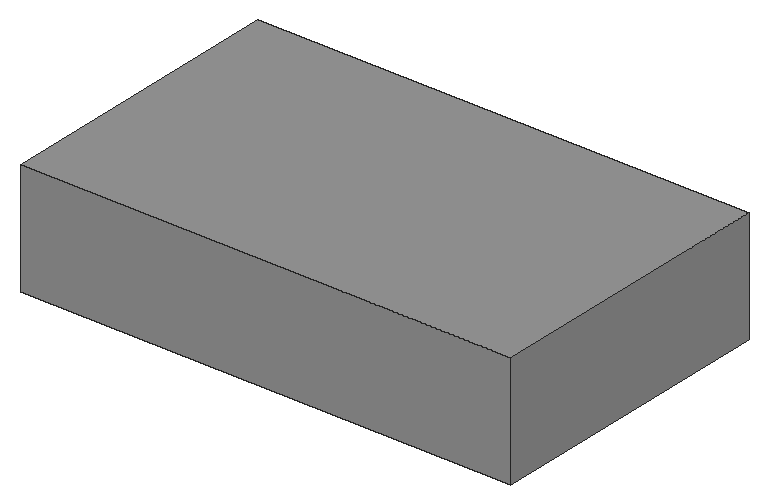
Revit family "PRE050032-FR", category Accessoire de canalisation, Revit 2017
Family settings
  Cote de connecteur circulaire = Utiliser le diamètre
  Type d'élément = Normal
  Basée sur le plan de construction = Non
  Toujours verticalement = Oui
  Couper avec des vides une fois chargée = Non
  Partagée = Non
Parameters (values of type "75110 Presto Sanifirst Mitigeur thermostatique de bain douche hospitalier choc thermique")
  Variantes = "75110"
  LC = 30 mm
  HC = 30 mm
  Garantie = "10 ans contre tout vice de fabrication / 3 ans pour la cartouche thermostatique"
  URL Fabricant = "http://www.prestodatashare.com/centretelechargement/index.php?lang=FR&refs=75110"
  URL = "http://www.prestodatashare.com/centretelechargement/index.php?lang=FR&refs=75110"
  Lien notice d'utilisation = "http://www.prestodatashare.com/centretelechargement/support.php?lang=FR&ref=75110"
  Lien fiche produit = "http://www.prestodatashare.com/espacedoc/Fiches_Techniques/FR/75110.pdf"
  Reference = "75110"
  Pression = "3 bars - Eviter les écarts de pressions supérieurs à 1 bar entre l'eau chaude et l'eau froide"
  Polantis code = "PRE050032-FR"
  Perte de charge = 0.0 Pa
  Profondeur = 156 mm
  Modèle = "75110 Presto Sanifirst Mitigeur thermostatique de bain douche hospitalier choc thermique"
  Matériau = Laiton poli chromé
  Lien CCTP = "http://www.prestodatashare.com/centretelechargement/index.php?lang=FR&refs=75110"
  Largeur = 258.5 mm
  Hauteur = 60 mm
  Fonction = "Mitigeur thermostatique de bain-douche entraxe 150mm mural, choc thermique.\r\r\nOrgane de manœuvre : Volants laiton\r\r\nRéférence : 75110"
  Flux = 0.05 L/s
  Finition = "Corps et volants en laiton poli chromé"
  Fabricant = "LES ROBINETS PRESTO S.A."
  Diamètre Nominal = 15 mm
  Description = "Mitigeur thermostatique de bain-douche entraxe 150mm mural. Un volant double débit et un volant spécial choc thermique bloqué à 38°C/41°C (deux butées) avec système de déverrouillage sécurisé sans changer de volant et accessible uniquement par les personnes des services techniques. Raccords excentrés M1/2 avec rosaces chromées et joints filtres. Arrivée EF/ECS équipée de clapet anti-retour, sortie de douche M’1/2. Tête céramique ½ tour pour le réglage du débit et cartouche thermostatique NF pour le réglage de la température. Robinetterie équipée d’origine avec un brise-jet étoile M28X1. Corps et volants en laiton poli chromé. Garantie 3 ans pour la cartouche thermostatique et 10 ans pour le reste de la robinetterie. Marque Sanifirst type mitigeur thermostatique de bain-douche entraxe 150mm REF : 75110 ou équivalent approuvé."
  Debit = ""
  Raccordement = "EP G'3/4 livré avec rosaces et raccords excentrés M G'1/2 M G'3/4"
  Adresse = "7, RUE RACINE - 92542 MONTROUGE CEDEX FRANCE"
Reference planes
  plane 1 "Centre (avant/arrière)": y = 0
  plane 2: z = 0
  plane 3 "Centre (gauche/droite)": x = 0
  plane 4: y = -156
  plane 5: x = 258.5
  plane 6: z = 60
  plane 7: x = 129.25
  plane 8: z = 30
  plane 9: y = -25.5
  plane 10: z = 1
  plane 11: y = -1
  plane 12: x = 30
  plane 13: x = 228.5
Forms (mm)
  Extrusion 1, solid, material "Laiton poli chromé" <- "Matériau", detail levels fine
    sketch origin (0, 0, 0) x (1, 0, 0) y (0, 1, 0)
      loop
        line (0, 0) -> (0, -156) -> (258.5, -156) -> (258.5, 0) -> (0, 0)
    from 0 to 60
  Extrusion 2, solid, material "Laiton poli chromé" <- "Matériau", detail levels fine
    sketch origin (0, 0, 0) x (1, 0, 0) y (0, 0, 1)
      loop
        circle (228.5, 30) r 5
      loop
        circle (30, 30) r 5
    from 0 to 1
Cuts and joins
  joined: Extrusion 1, Extrusion 2
Dimensions and locks
  "Profondeur": plane 1 "Centre (avant/arrière)" to plane 4
  "Largeur": plane 3 "Centre (gauche/droite)" to plane 5
  "Hauteur": plane 6 to level
  equal spacing: plane 3 "Centre (gauche/droite)", plane 7, plane 5
  "HC": plane 6 to plane 8
  plane 1 "Centre (avant/arrière)" to plane 9 = 25.5 mm
  locked: plane 10 to plane 2 at 1
  locked: plane 1 "Centre (avant/arrière)" to plane 11 at 1
  "LC": plane 13 to plane 5
  "LC": plane 3 "Centre (gauche/droite)" to plane 12
  aligned and locked: level to plane 2
  aligned and locked: plane 1 "Centre (avant/arrière)" to Extrusion 1 sketch curve
  aligned and locked: plane 3 "Centre (gauche/droite)" to Extrusion 1 sketch curve
  aligned and locked: plane 4 to Extrusion 1 sketch curve
  aligned and locked: plane 5 to Extrusion 1 sketch curve
  aligned and locked: plane 6 to Extrusion 1
  aligned and locked: Extrusion 2 to plane 11
  aligned and locked: Extrusion 2 to plane 1 "Centre (avant/arrière)"
  aligned and locked: nested 2 to plane 3 "Centre (gauche/droite)"
  aligned and locked: nested 2 to plane 4
Automatic sketch dimensions
  Extrusion 2 sketch curve to plane 8 = 0 mm  (x2)
  plane 12 to Extrusion 2 sketch curve = 0 mm
  plane 13 to Extrusion 2 sketch curve = 0 mm
  radius of Extrusion 2 sketch curve = 5 mm  (x2)
Nested families
  nested 1: "Symbolique" at (0, -78, 0) x (0, 1, 0) z (0, 0, 1), type "Symbolique", detail levels coarse+medium
  nested 2: "S2D" at (258.5, -78, 0) x (0, 1, 0) z (0, 0, 1), type "S2D", detail levels coarse+medium
Connectors
  piping at (228.5, 0, 30), diameter 15, driven by "Flux", driven by "Perte de charge", driven by "Diamètre Nominal"
    settings: on Extrusion 2, index 2, connector inside diameter 609.6 mm, connector length 0 mm, flow factor 0, pipe flow 0.05 L/s, pressure drop 0.0 Pa, fitting loss kfactor 0, connector angle 0.00°, fixture units 0, engagement length 0 mm, angle of deflection 0.00°, flow configuration 0, flow direction 1, fitting loss method 4, system type 20, joint type 0, gender type 0, connector reference index -1, connector utility 0, adjustable connector no, is connector primary yes, connector description ""
  piping at (30, 0, 30), diameter 15, driven by "Diamètre Nominal", driven by "Flux", driven by "Perte de charge"
    settings: on Extrusion 2, index 3, connector inside diameter 609.6 mm, connector length 0 mm, flow factor 0, pipe flow 0.05 L/s, pressure drop 0.0 Pa, fitting loss kfactor 0, connector angle 0.00°, fixture units 0, engagement length 0 mm, angle of deflection 0.00°, flow configuration 0, flow direction 1, fitting loss method 4, system type 19, joint type 0, gender type 0, connector reference index -1, connector utility 0, adjustable connector no, is connector primary no, connector description ""
Definition of nested family "Symbolique"
  Parameters (values of type "Symbolique")
    V = yes
    P = 1000 mm
    L = 1000 mm
    H = 1000 mm
  Reference planes
    plane 1 "Centre (avant/arrière)": y = 0
    plane 2: z = 0
    plane 3 "Centre (gauche/droite)": x = 0
    plane 4: y = -1000
    plane 5: x = -500
    plane 6: x = 500
    plane 7: z = 1000
    plane 8: z = 500
    plane 9: y = -500
  Lines and regions (mm)
    model lines, visible <- "V"
      curve 1: line (-500, -1000, 500) -> (-500, 0, 500)
      curve 2: line (500, -1000, 500) -> (500, 0, 500)
      curve 3: line (500, 0, 500) -> (-500, -1000, 500)
      curve 4: line (-500, 0, 500) -> (500, -1000, 500)
  Dimensions and locks
    "H": plane 7 to plane 2
    equal spacing: plane 5, plane 3 "Centre (gauche/droite)", plane 6
    "L": plane 5 to plane 6
    equal spacing: plane 7, plane 8, level
    equal spacing: plane 4, plane 9, plane 1 "Centre (avant/arrière)"
    "P": plane 1 "Centre (avant/arrière)" to plane 4
    aligned and locked: level to plane 2
  Automatic sketch dimensions
    plane 1 "Centre (avant/arrière)" to curve 3 = 0 mm
    curve 3 to plane 6 = 0 mm
    curve 3 to plane 4 = 0 mm
    curve 3 to plane 5 = 0 mm
    plane 1 "Centre (avant/arrière)" to curve 1 = 0 mm
    curve 2 to plane 4 = 0 mm
Definition of nested family "S2D"
  Parameters (values of type "S2D")
    P = 788.322 mm
    L = 1600 mm
    H = 1250.021 mm
  Reference planes
    plane 1 "Centre (avant/arrière)": y = 0
    plane 2: z = 0
    plane 3 "Centre (gauche/droite)": x = 0
    plane 4: y = 788.322
    plane 5: x = -800
    plane 6: x = 800
    plane 7: y = 394.161
    plane 8: z = 1250.021
    plane 9: z = 625.01
  Lines and regions (mm)
    symbolic lines
      curve 1: line (-800, 788.322, 0) -> (800, 0, 0)
      curve 2: line (800, 0, 0) -> (800, 788.322, 0)
      curve 3: line (800, 788.322, 0) -> (-800, 0, 0)
      curve 4: line (-800, 0, 0) -> (-800, 788.322, 0)
      curve 5: line (-800, 0, 0) -> (-800, 0, 1250.021)
      curve 6: line (-800, 0, 1250.021) -> (800, 0, 0)
      curve 7: line (800, 0, 0) -> (800, 0, 1250.021)
      curve 8: line (800, 0, 1250.021) -> (-800, 0, 0)
      curve 9: line (0, 0, 1250.021) -> (0, 0, 0)
      curve 10: line (0, 0, 0) -> (0, 788.322, 1250.021)
      curve 11: line (0, 788.322, 1250.021) -> (0, 788.322, 0)
      curve 12: line (0, 788.322, 0) -> (0, 0, 1250.021)
  Dimensions and locks
    equal spacing: plane 5, plane 3 "Centre (gauche/droite)", plane 6
    equal spacing: plane 1 "Centre (avant/arrière)", plane 7, plane 4
    "P": plane 1 "Centre (avant/arrière)" to plane 4
    "L": plane 5 to plane 6
    equal spacing: plane 8, plane 9, level
    "H": plane 8 to plane 2
    aligned and locked: level to plane 2
  Automatic sketch dimensions
    plane 1 "Centre (avant/arrière)" to curve 3 = 0 mm
    curve 1 to plane 4 = 0 mm
    curve 3 to plane 4 = 0 mm
    plane 1 "Centre (avant/arrière)" to curve 2 = 0 mm
    curve 3 to plane 6 = 0 mm
    curve 4 to plane 5 = 0 mm
    plane 5 to curve 5 = 0 mm
    curve 8 to level = 0 mm
    plane 6 to curve 8 = 0 mm
    curve 7 to level = 0 mm
    curve 8 to plane 8 = 0 mm
    curve 5 to plane 8 = 0 mm
    curve 11 to level = 0 mm
    curve 11 to plane 8 = 0 mm
    curve 9 to plane 8 = 0 mm
    curve 9 to plane 1 "Centre (avant/arrière)" = 0 mm
    curve 9 to level = 0 mm
    curve 11 to plane 4 = 0 mm
